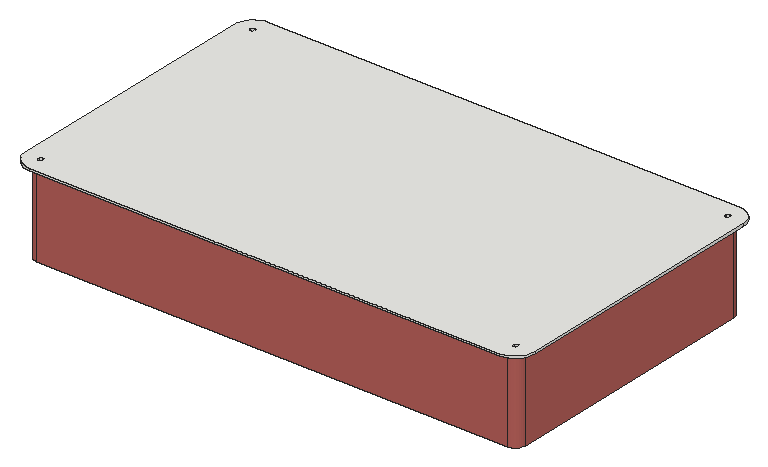
Revit family "Building-ContenitoriIncasso-GEWISS-48PTDIN-CASSETTE-DERIVAZIONE_INCASSO", category Apparecchi elettrici, host Superficie, Revit 2016
Family settings
  Host = Superficie
  Mantenere orientamento annotazione = Sì
  Tipo di parte = Normale
  Quota connettore circolare = Usa diametro
  Numero OmniClass = 23.80.30.14.24
  Titolo OmniClass = Junction Boxes
  Taglio con vuoti quando caricato = No
  Condiviso = No
  Punto di calcolo locali = Sì
Parameters (values of type "GW48011 - CASSETTA DERIV. INC. G. DIN 516X294X90")
  Voltaggio = 0 V
  Versione file RFA = "18.0"
  VISTA DI PIANTA [instance] = yes
  URL = "https://www.gewiss.com/it/it"
  Tipo Materiale = "Halogen free secondo norma EN 60754-2"
  Termopressione con biglia = "70 °C"
  Temperatura di impiego = "-15 +60 °C"
  Scheda Tecnica = "https://www.gewiss.com/it/it/search?q=GW48011"
  SIMBOLO [instance] = yes
  SEO = "Cassetta"
  Resistenza agli urti = "IK07"
  Produttore = "GEWISS S.p.A."
  Predisposizione scomparti = "6"
  Potenza max dissipabile (W) = "30"
  Potenza dissipabile (W) = "30"
  Per Pareti = "Muratura"
  N. supporti GW44720 inst. = "5"
  N. mod. EN 50022 per scompartimento = "4"
  Modello = "GW48011"
  Installazione = "Incasso"
  Immagine tipo = GW48006.jpg
  Tappo = GEWISS - BIANCO RAL 9016
  Scatola = ROSSO RAL 3000
  IDT = "0a8aa141-8753-4dc7-abbd-525a4c5009ab"
  IDF = "75bb6ce0-1539-471a-aebf-0ff55dbdcdf2"
  Grado di protezione = "IP40"
  Glow Wire Test = "650°C"
  GEWISS SCHEDA TECNICA = "http://pro.gewiss.com/irj/portal/?NavigationTarget=pcd:portal_content/com.gewiss.ZPPFDMain/com.gewiss.ZPPFDITMain/com.gewiss.ZPPFDITMainDefault/com.gewiss.ZPPFDITPages/com.gewiss.ZPPFDITPagesAP/com.gewiss.ZPPFDITPagesAPCatalogo/com.gewiss.ZPPPDITAPProductDetail&codProd=GW48011"
  Default Elevation = 1219.2 mm
  Profondità = 90 mm
  Lunghezza = 516 mm
  Larghezza = 294 mm
  Distanza orizzontale del simbolo [instance] = 0 mm
  Distanza dal muro [instance] = 4.208 mm
  Dim. esterne BxHxP (mm) = "516x294x90"
  Descrizione = "CASSETTA DERIV. INC. G. DIN 516X294X90"
  Creato da GEWISS S.p.A. = ""
  Colore coperchio = "Bianco RAL 9016"
  Codice Electrocod = "0220"
  Codice EAN = "8011564016484"
  Classificazione = Other
  Catalogo Serie = "48 PTDIN"
  Catalogo = "BUILDING"
  Carico apparente = 0 VA
  COBie.Tagnumber = ""
  COBie.CreatedOn = ""
  COBie.CreatebBy = ""
  COBie.ComponentRegisterItemID = ""
  COBie.Component.TagNumber = ""
  COBie.Component.Space = ""
  COBie.Component.SerialNumber = ""
  COBie.Component.InstallationDate = ""
  COBie.Component.Description = ""
  COBie.Component.BarCode = ""
  Bordo = 4 mm
  Aggancio app. domotiche = "Guida DIN"
Reference planes
  plane 1 "Centro (Fronte/Retro)": y = 0
  plane 2: z = 0
  plane 3 "Centro (Sinistra/Destra)": x = 0
  plane 4: x = -258
  plane 5: y = -147
  plane 6: x = 258
  plane 7: y = 147
  plane 8: y = 144.823
  plane 9: x = 255.823
  plane 10: y = -144.823
  plane 11: x = -255.823
  plane 12: z = -90
  plane 13: y = 139
  plane 14: y = -139
  plane 15: x = -249.947
  plane 16: x = 249.947
  plane 17: x = -268
  plane 18: y = -157
  plane 19: x = 268
  plane 20: y = 157
  plane 21: z = 2
  plane 22: x = 0
Forms (mm)
  Extrusion 1, void
    sketch origin (0, 0, 0) x (1, 0, 0) y (0, 1, 0)
      loop
        line (-258, 136.5) -> (-258, -136.5)
        arc (-258, -136.5) -> (-254.925, -143.925) -> (-247.5, -147) r 10.5
        line (-247.5, -147) -> (247.5, -147)
        arc (247.5, -147) -> (254.925, -143.925) -> (258, -136.5) r 10.5
        line (258, -136.5) -> (258, 136.5)
        arc (258, 136.5) -> (254.925, 143.925) -> (247.5, 147) r 10.5
        line (247.5, 147) -> (-247.5, 147)
        arc (-247.5, 147) -> (-254.925, 143.925) -> (-258, 136.5) r 10.5
    from -90 to 0
  Extrusion 2, solid, material "ROSSO RAL 3000" <- "Scatola"
    sketch origin (0, 0, 0) x (1, 0, 0) y (0, 1, 0)
      loop
        arc (-247.5, 147) -> (-254.925, 143.925) -> (-258, 136.5) r 10.5
        line (-258, 136.5) -> (-258, -136.5)
        arc (-258, -136.5) -> (-254.925, -143.925) -> (-247.5, -147) r 10.5
        line (-247.5, -147) -> (247.5, -147)
        arc (247.5, -147) -> (254.925, -143.925) -> (258, -136.5) r 10.5
        line (258, -136.5) -> (258, 136.5)
        arc (258, 136.5) -> (254.925, 143.925) -> (247.5, 147) r 10.5
        line (247.5, 147) -> (-247.5, 147)
      loop
        arc (-247.5, 144.823) -> (-253.386, 142.386) -> (-255.823, 136.5) r 8.323
        line (-255.823, 136.5) -> (-255.823, -136.5)
        arc (-255.823, -136.5) -> (-253.386, -142.386) -> (-247.5, -144.823) r 8.323
        line (-247.5, -144.823) -> (247.5, -144.823)
        arc (247.5, -144.823) -> (253.386, -142.386) -> (255.823, -136.5) r 8.323
        line (255.823, -136.5) -> (255.823, 136.5)
        arc (255.823, 136.5) -> (253.386, 142.386) -> (247.5, 144.823) r 8.323
        line (247.5, 144.823) -> (-247.5, 144.823)
    from -90 to 0
  Extrusion 3, solid
    sketch origin (0, 0, 0) x (1, 0, 0) y (0, 1, 0)
      loop
        line (-255.823, 133.384) -> (-252.592, 133.384)
        arc (-252.592, 133.384) -> (-247.664, 136.157) -> (-244.596, 140.907) r 11.782
        line (-244.596, 140.907) -> (-244.596, 144.823) -> (-247.5, 144.823)
        arc (-247.5, 144.823) -> (-253.386, 142.386) -> (-255.823, 136.5) r 8.323
        line (-255.823, 136.5) -> (-255.823, 133.384)
      loop
        line (255.823, 133.384) -> (255.823, 136.5)
        arc (255.823, 136.5) -> (253.386, 142.386) -> (247.5, 144.823) r 8.323
        line (247.5, 144.823) -> (244.596, 144.823) -> (244.596, 140.907)
        arc (244.596, 140.907) -> (247.664, 136.157) -> (252.592, 133.384) r 11.782
        line (252.592, 133.384) -> (255.823, 133.384)
      loop
        line (-255.823, -133.384) -> (-255.823, -136.5)
        arc (-255.823, -136.5) -> (-253.386, -142.386) -> (-247.5, -144.823) r 8.323
        line (-247.5, -144.823) -> (-244.596, -144.823) -> (-244.596, -140.907)
        arc (-244.596, -140.907) -> (-247.664, -136.157) -> (-252.592, -133.384) r 11.782
        line (-252.592, -133.384) -> (-255.823, -133.384)
      loop
        line (255.823, -133.384) -> (252.592, -133.384)
        arc (252.592, -133.384) -> (247.664, -136.157) -> (244.596, -140.907) r 11.782
        line (244.596, -140.907) -> (244.596, -144.823) -> (247.5, -144.823)
        arc (247.5, -144.823) -> (253.386, -142.386) -> (255.823, -136.5) r 8.323
        line (255.823, -136.5) -> (255.823, -133.384)
    from -2.208 to 0
  Extrusion 4, void
    sketch origin (0, 0, 0) x (1, 0, 0) y (0, 1, 0)
      loop
        circle (-249.947, 139) r 2.408
      loop
        circle (249.947, 139) r 2.408
      loop
        circle (-249.947, -139) r 2.408
      loop
        circle (249.947, -139) r 2.408
    from -2.208 to 2
  Extrusion 5, solid, material "GEWISS - BIANCO RAL 9016" <- "Tappo"
    sketch origin (0, 0, 0) x (1, 0, 0) y (0, 1, 0)
      loop
        arc (-247.5, 157) -> (-261.996, 150.996) -> (-268, 136.5) r 20.5
        line (-268, 136.5) -> (-268, -136.5)
        arc (-268, -136.5) -> (-261.996, -150.996) -> (-247.5, -157) r 20.5
        line (-247.5, -157) -> (247.5, -157)
        arc (247.5, -157) -> (261.996, -150.996) -> (268, -136.5) r 20.5
        line (268, -136.5) -> (268, 136.5)
        arc (268, 136.5) -> (261.996, 150.996) -> (247.5, 157) r 20.5
        line (247.5, 157) -> (-247.5, 157)
    from 0 to 2
Cuts and joins
  Extrusion 4 cuts Extrusion 5
Lines and regions (mm)
  Masking region 1, visible <- "VISTA DI PIANTA"
    outline origin (0, 0, 0) x (1, 0, 0) y (0, 0, 1)
      loop
        line (-258, -90) -> (258, -90) -> (258, 0) -> (-258, 0) -> (-258, -90)
  Masking region 2, visible <- "VISTA DI PIANTA"
    outline origin (0, 0, 0) x (1, 0, 0) y (0, 0, 1)
      loop
        line (-268, 0) -> (268, 0) -> (268, 2) -> (-268, 2) -> (-268, 0)
  Masking region 3
    outline origin (0, 0, 0) x (0, 1, 0) y (0, 0, 1)
      loop
        line (-147, -90) -> (147, -90) -> (147, 0) -> (-147, 0) -> (-147, -90)
  Masking region 4
    outline origin (0, 0, 0) x (0, 1, 0) y (0, 0, 1)
      loop
        line (-157, 0) -> (157, 0) -> (157, 2) -> (-157, 2) -> (-157, 0)
Dimensions and locks
  equal spacing: plane 7, plane 1 "Centro (Fronte/Retro)", plane 5
  equal spacing: plane 4, plane 3 "Centro (Sinistra/Destra)", plane 6
  "Lunghezza": plane 4 to plane 6
  "Larghezza": plane 7 to plane 5
  plane 4 to plane 11 = 2.177 mm  (x2)
  plane 9 to plane 6 = 2.177 mm  (x2)
  plane 10 to plane 5 = 2.177 mm
  plane 7 to plane 8 = 2.177 mm
  "Profondità": plane 2 to plane 12
  locked: plane 11 to plane 15 at 5.876
  locked: plane 7 to plane 13 at 8
  locked: plane 14 to plane 5 at 8
  locked: plane 16 to plane 6 at 8.053
  locked: plane 2 to Extrusion 3 at 2.208
  locked: plane 20 to plane 7 at 10
  locked: plane 17 to plane 4 at 10
  locked: plane 5 to plane 18 at 10
  locked: plane 6 to plane 19 at 10
  plane 21 to plane 2 = 2 mm
  "Distanza orizzontale del simbolo": plane 22 to plane 3 "Centro (Sinistra/Destra)"
  aligned and locked: plane 2 to host face
  aligned and locked: level to host face
  aligned and locked: Extrusion 1 sketch curve to plane 4
  aligned and locked: Extrusion 1 sketch curve to plane 7
  aligned and locked: Extrusion 1 sketch curve to plane 6
  aligned and locked: Extrusion 1 sketch curve to plane 5
  aligned and locked: Extrusion 1 to plane 12
  aligned and locked: plane 2 to Extrusion 1
  aligned and locked: Extrusion 2 sketch curve to plane 4
  aligned and locked: Extrusion 2 sketch curve to plane 11
  aligned and locked: Extrusion 2 sketch curve to plane 10
  aligned and locked: Extrusion 2 sketch curve to plane 5
  aligned and locked: Extrusion 2 sketch curve to plane 6
  aligned and locked: Extrusion 2 sketch curve to plane 9
  aligned and locked: Extrusion 2 sketch curve to plane 8
  aligned and locked: Extrusion 2 sketch curve to plane 7
  aligned and locked: Extrusion 2 to plane 12
  aligned and locked: plane 2 to Extrusion 2
  aligned and locked: plane 11 to Extrusion 3 sketch curve  (x2)
  aligned and locked: Extrusion 3 sketch curve to plane 8  (x2)
  aligned and locked: Extrusion 3 sketch curve to plane 10  (x2)
  aligned and locked: plane 9 to Extrusion 3 sketch curve  (x2)
  aligned and locked: plane 2 to Extrusion 3
  aligned and locked: plane 15 to Extrusion 4 sketch curve
  aligned and locked: plane 13 to Extrusion 4 sketch curve
  aligned and locked: Extrusion 4 sketch curve to plane 16
  aligned and locked: Extrusion 4 sketch curve to plane 13
  aligned and locked: plane 14 to Extrusion 4 sketch curve
  aligned and locked: plane 16 to Extrusion 4 sketch curve
  aligned and locked: Extrusion 4 sketch curve to plane 15
  aligned and locked: Extrusion 4 sketch curve to plane 14
  aligned and locked: Extrusion 3 to Extrusion 4
  aligned and locked: Extrusion 5 sketch curve to plane 19
  aligned and locked: Extrusion 5 sketch curve to plane 18
  aligned and locked: Extrusion 5 sketch curve to plane 17
  aligned and locked: Extrusion 5 sketch curve to plane 20
  aligned and locked: Extrusion 5 to plane 21
  aligned and locked: Extrusion 4 to plane 21
  aligned and locked: plane 22 to nested 1
  aligned and locked: Masking region 1 sketch curve to Extrusion 2  (x4)
  aligned and locked: Masking region 2 sketch curve to cut or joined group of Extrusion 4, Extrusion 5  (x4)
  aligned and locked: Masking region 3 sketch curve to Extrusion 2  (x4)
  aligned and locked: Masking region 4 sketch curve to cut or joined group of Extrusion 4, Extrusion 5  (x4)
  aligned and locked: plane 3 "Centro (Sinistra/Destra)" to nested 2
  aligned and locked: plane 1 "Centro (Fronte/Retro)" to nested 2
Automatic sketch dimensions
  host sketch curve to host sketch curve = 2438.4 mm  (x2)
  Extrusion 1 sketch curve to Extrusion 1 sketch curve = 0 mm  (x3)
  plane 11 to Extrusion 1 sketch curve = 8.323 mm
  Extrusion 2 sketch curve to Extrusion 2 sketch curve = 0 mm  (x13)
  Extrusion 2 sketch curve to plane 9 = 0 mm
  plane 10 to Extrusion 2 sketch curve = 0 mm
  plane 5 to Extrusion 2 sketch curve = 10.5 mm  (x2)
  Extrusion 2 sketch curve to plane 7 = 10.5 mm  (x2)
  plane 4 to Extrusion 2 sketch curve = 10.5 mm
  plane 11 to Extrusion 2 sketch curve = 8.323 mm
  Extrusion 2 sketch curve to plane 6 = 10.5 mm
  plane 11 to Extrusion 2 sketch curve = 0 mm  (x2)
  plane 11 to Extrusion 3 sketch curve = 0.085 mm  (x2)
  Extrusion 3 sketch curve to plane 15 = 2.645 mm  (x2)
  plane 15 to Extrusion 3 sketch curve = 2.447 mm  (x2)
  Extrusion 3 sketch curve to Extrusion 3 sketch curve = 2.904 mm  (x2)
  plane 16 to Extrusion 3 sketch curve = 5.351 mm  (x2)
  plane 16 to Extrusion 3 sketch curve = 2.447 mm  (x2)
  Extrusion 3 sketch curve to plane 16 = 2.645 mm  (x2)
  Extrusion 3 sketch curve to plane 9 = 0.085 mm  (x2)
  plane 10 to Extrusion 3 sketch curve = 0.085 mm  (x2)
  plane 14 to Extrusion 3 sketch curve = 1.907 mm  (x2)
  Extrusion 3 sketch curve to plane 14 = 2.5 mm  (x2)
  Extrusion 3 sketch curve to plane 13 = 5.616 mm  (x2)
  Extrusion 3 sketch curve to plane 13 = 2.5 mm  (x2)
  plane 13 to Extrusion 3 sketch curve = 1.907 mm  (x2)
  plane 11 to Extrusion 3 sketch curve = 0 mm
  Extrusion 3 sketch curve to Extrusion 3 sketch curve = 0 mm  (x11)
  plane 15 to Extrusion 5 sketch curve = 2.447 mm  (x2)
  plane 16 to Extrusion 5 sketch curve = 2.447 mm  (x2)
  radius of Extrusion 4 sketch curve = 2.408 mm  (x4)
Nested families
  nested 1: "CASSDERIVAZINC" at (0, 124.167, 0), Distanza dal muro <- "Distanza dal muro", SIMBOLO ACCESO <- "SIMBOLO", type "CASSETTAINC"
    with SIMBOLO ACCESO yes, Distanza dal muro 4.208 mm, BORDO ACCESO yes
  nested 2: "2D - 48PTDIN CASSETTE DERIVAZIONE INCASSO" at (0, 0, 0), Larghezza <- "Larghezza", Lunghezza <- "Lunghezza", type "BIDIMENSIONALE"
    with Lunghezza 516 mm, Larghezza 294 mm
Connectors
  electrical at (0, 0, -90), driven by "Voltaggio", driven by "Classificazione", driven by "Carico apparente"
    settings: on host face, index 1, voltage 0 V, apparent load 0 VA, apparent load phase1 0 VA, apparent load phase2 0 VA, apparent load phase3 0 VA, power factor 1, load classification "Other", number of poles 1, system type 31, power factor state 1, is connector primary yes, connector utility no, sub classification motor no, connector description ""
Definition of nested family "CASSDERIVAZINC"
  Parameters (values of type "CASSETTAINC")
    SIMBOLO ACCESO [instance] = yes
    Distanza dal muro [instance] = 4.208 mm
    BORDO ACCESO [instance] = yes
  Reference planes
    plane 1: y = 0
    plane 2: x = 0
  Dimensions and locks
    "Distanza dal muro": plane 1 to nested 1
    aligned and locked: plane 2 to nested 1
  Nested families
    nested 1: "CASSDERIVAZINC_BASE" at (0, 4.208, 0), BORDO ACCESO <- "BORDO ACCESO", visible <- "SIMBOLO ACCESO", type "SIMBOLO"
      with BORDO ACCESO yes
  Definition of nested family "CASSDERIVAZINC_BASE"
    Parameters (values of type "SIMBOLO")
      Distanza dal muro = 4.208 mm
      BORDO ACCESO [instance] = yes
    Reference planes
      plane 1: y = 0
      plane 2: x = 0
    Lines and regions (mm)
      detail lines, visible <- "BORDO ACCESO", not visible
        curve 1: line (-2.443, 10.208, 0) -> (2.057, 10.208, 0)
        curve 2: line (2.057, 10.208, 0) -> (2.057, 4.208, 0)
        curve 3: line (2.057, 4.208, 0) -> (-2.443, 4.208, 0)
        curve 4: line (-2.443, 4.208, 0) -> (-2.443, 10.208, 0)
        curve 5: line (-2.043, 9.808, 0) -> (1.657, 9.808, 0)
        curve 6: line (1.657, 9.808, 0) -> (1.657, 4.608, 0)
        curve 7: line (1.657, 4.608, 0) -> (-2.043, 4.608, 0)
        curve 8: line (-2.043, 4.608, 0) -> (-2.043, 9.808, 0)
      detail lines
        curve 9: circle (0, 1.25, 0) r 0.1 normal (0, 0, 1)
        curve 10: circle (0, 1.25, 0) r 0.809 normal (0, 0, 1)
Definition of nested family "2D - 48PTDIN CASSETTE DERIVAZIONE INCASSO"
  Parameters (values of type "BIDIMENSIONALE")
    Lunghezza [instance] = 240 mm
    Larghezza [instance] = 200 mm
  Reference planes
    plane 1 "Centro (Fronte/Retro)": y = 0
    plane 2: z = 0
    plane 3 "Centro (Sinistra/Destra)": x = 0
    plane 4: x = -120
    plane 5: x = 120
    plane 6: y = 100
    plane 7: y = -100
  Lines and regions (mm)
    detail lines, in view "Livello rif.", not visible
      curve 1: arc (-58.896, -2.752, 0) -> (-58.521, -2.777, 0) -> (-58.147, -2.752, 0) r 2.777
      curve 2: line (-58.896, 2.752, 0) -> (-58.896, 0.471, 0)
      curve 3: line (-58.896, 0.471, 0) -> (-60.229, 0.471, 0)
      curve 4: line (-60.229, 0.471, 0) -> (-60.229, -0.471, 0)
      curve 5: line (-58.147, 2.752, 0) -> (-58.147, 0.471, 0)
      curve 6: line (-58.147, 0.471, 0) -> (-56.814, 0.471, 0)
      curve 7: line (-58.147, -2.752, 0) -> (-58.147, -0.471, 0)
      curve 8: line (-58.147, -0.471, 0) -> (-56.814, -0.471, 0)
      curve 9: line (-58.896, -2.752, 0) -> (-58.896, -0.471, 0)
      curve 10: line (-58.896, -0.471, 0) -> (-60.229, -0.471, 0)
      curve 11: line (-56.814, 0.471, 0) -> (-56.814, -0.471, 0)
      curve 12: arc (-58.147, -2.752, 0) -> (-55.744, 0, 0) -> (-58.147, 2.752, 0) r 2.777
      curve 13: arc (-58.896, 2.752, 0) -> (-61.298, 0, 0) -> (-58.896, -2.752, 0) r 2.777
      curve 14: arc (-58.147, 2.752, 0) -> (-58.521, 2.777, 0) -> (-58.896, 2.752, 0) r 2.777
      curve 15: line (-52.546, 11.442, 0) -> (-49.625, 8.458, 0)
      curve 16: line (-50.324, 7.759, 0) -> (-52.991, 10.426, 0)
      curve 17: line (-52.991, 10.426, 0) -> (-52.546, 11.442, 0)
      curve 18: line (-37.306, 8.14, 0) -> (-36.607, 7.441, 0)
      curve 19: arc (-49.625, 8.458, 0) -> (-43.53, 5.801, 0) -> (-37.306, 8.14, 0) r 8.848
      curve 20: arc (-50.324, 7.759, 0) -> (-43.53, 4.813, 0) -> (-36.607, 7.441, 0) r 9.835
      curve 21: line (-39.92, 24.089, 0) -> (-36.936, 21.168, 0)
      curve 22: line (-36.237, 21.867, 0) -> (-38.904, 24.534, 0)
      curve 23: line (-38.904, 24.534, 0) -> (-39.92, 24.089, 0)
      curve 24: line (-36.618, 8.849, 0) -> (-35.919, 8.15, 0)
      curve 25: arc (-36.936, 21.168, 0) -> (-34.28, 15.073, 0) -> (-36.618, 8.849, 0) r 8.848
      curve 26: arc (-36.237, 21.867, 0) -> (-33.292, 15.073, 0) -> (-35.919, 8.15, 0) r 9.835
      curve 411: arc (-88, -219.002, 0) -> (-95.071, -221.931, 0) -> (-98, -229.002, 0) r 10
      curve 412: arc (98, -229.002, 0) -> (95.071, -221.931, 0) -> (88, -219.002, 0) r 10
      curve 413: arc (88, -371.002, 0) -> (95.071, -368.073, 0) -> (98, -361.002, 0) r 10
      curve 414: arc (-98, -361.002, 0) -> (-95.071, -368.073, 0) -> (-88, -371.002, 0) r 10
      curve 415: arc (86.883, -363.908, 0) -> (86.878, -366.121, 0) -> (89.09, -366.122, 0) r 1.563
      curve 416: arc (93.118, -362.095, 0) -> (93.122, -359.883, 0) -> (90.91, -359.881, 0) r 1.563
      curve 417: arc (-90.907, -359.884, 0) -> (-93.119, -359.88, 0) -> (-93.12, -362.092, 0) r 1.563
      curve 418: arc (-89.093, -366.119, 0) -> (-86.881, -366.124, 0) -> (-86.88, -363.912, 0) r 1.563
      curve 419: arc (90.907, -230.119, 0) -> (93.117, -230.125, 0) -> (93.123, -227.915, 0) r 1.563
      curve 420: arc (89.093, -223.884, 0) -> (86.883, -223.878, 0) -> (86.876, -226.088, 0) r 1.563
      curve 421: arc (-86.88, -226.092, 0) -> (-86.882, -223.878, 0) -> (-89.095, -223.886, 0) r 1.563
      curve 422: arc (-93.12, -227.912, 0) -> (-93.118, -230.125, 0) -> (-90.905, -230.117, 0) r 1.563
      curve 423: arc (87.998, -368.627, 0) -> (93.394, -366.392, 0) -> (95.629, -360.996, 0) r 7.631
      curve 424: arc (-95.624, -361.003, 0) -> (-93.392, -366.394, 0) -> (-88.001, -368.627, 0) r 7.624
      curve 425: arc (95.629, -228.995, 0) -> (93.396, -223.606, 0) -> (88.007, -221.373, 0) r 7.622
      curve 426: arc (-87.994, -221.373, 0) -> (-93.39, -223.608, 0) -> (-95.624, -229.004, 0) r 7.63
      curve 427: arc (90.462, -358.039, 0) -> (87.315, -360.317, 0) -> (85.037, -363.463, 0) r 12.282
      curve 428: arc (94.229, -357.078, 0) -> (93.406, -357.124, 0) -> (92.588, -357.226, 0) r 12.113
      curve 429: arc (84.225, -365.59, 0) -> (84.122, -366.409, 0) -> (84.076, -367.234, 0) r 12.113
      curve 430: arc (-85.037, -363.463, 0) -> (-87.315, -360.317, 0) -> (-90.462, -358.039, 0) r 12.282
      curve 431: arc (-92.588, -357.226, 0) -> (-93.406, -357.124, 0) -> (-94.229, -357.078, 0) r 12.113
      curve 432: arc (-84.076, -367.235, 0) -> (-84.122, -366.41, 0) -> (-84.225, -365.59, 0) r 12.113
      curve 433: arc (85.037, -226.54, 0) -> (87.315, -229.686, 0) -> (90.462, -231.964, 0) r 12.282
      curve 434: arc (92.588, -232.777, 0) -> (93.406, -232.879, 0) -> (94.229, -232.925, 0) r 12.113
      curve 435: arc (84.076, -222.769, 0) -> (84.122, -223.594, 0) -> (84.225, -224.414, 0) r 12.113
      curve 436: arc (-90.462, -231.964, 0) -> (-87.315, -229.686, 0) -> (-85.037, -226.54, 0) r 12.282
      curve 437: arc (-94.229, -232.925, 0) -> (-93.406, -232.879, 0) -> (-92.588, -232.777, 0) r 12.113
      curve 438: arc (-84.225, -224.413, 0) -> (-84.122, -223.594, 0) -> (-84.076, -222.769, 0) r 12.113
      curve 439: arc (84.425, -364.963, 0) -> (84.32, -365.275, 0) -> (84.225, -365.59, 0) r 12.26
      curve 440: arc (84.225, -224.414, 0) -> (84.32, -224.728, 0) -> (84.425, -225.04, 0) r 12.26
      curve 441: arc (-84.225, -365.59, 0) -> (-84.32, -365.275, 0) -> (-84.425, -364.963, 0) r 12.26
      curve 442: arc (-84.425, -225.04, 0) -> (-84.32, -224.728, 0) -> (-84.225, -224.413, 0) r 12.26
      curve 443: arc (84.076, -367.234, 0) -> (84.003, -367.833, 0) -> (83.959, -368.434, 0) r 12.054
      curve 444: arc (-83.959, -368.434, 0) -> (-84.003, -367.833, 0) -> (-84.076, -367.235, 0) r 12.054
      curve 445: arc (94.229, -232.925, 0) -> (94.828, -232.999, 0) -> (95.43, -233.043, 0) r 12.055
      curve 446: arc (91.962, -232.577, 0) -> (92.274, -232.681, 0) -> (92.588, -232.777, 0) r 12.26
      curve 447: arc (92.588, -357.226, 0) -> (92.274, -357.322, 0) -> (91.962, -357.426, 0) r 12.26
      curve 448: arc (95.43, -356.961, 0) -> (94.828, -357.004, 0) -> (94.229, -357.078, 0) r 12.055
      curve 449: arc (-95.43, -233.043, 0) -> (-94.828, -232.999, 0) -> (-94.229, -232.925, 0) r 12.055
      curve 450: arc (-91.962, -357.426, 0) -> (-92.274, -357.322, 0) -> (-92.588, -357.226, 0) r 12.26
      curve 451: arc (-92.588, -232.777, 0) -> (-92.274, -232.681, 0) -> (-91.962, -232.577, 0) r 12.26
      curve 452: arc (-94.229, -357.078, 0) -> (-94.828, -357.004, 0) -> (-95.43, -356.961, 0) r 12.055
      curve 453: arc (83.959, -221.569, 0) -> (84.003, -222.171, 0) -> (84.076, -222.769, 0) r 12.054
      curve 454: arc (-84.076, -222.769, 0) -> (-84.003, -222.171, 0) -> (-83.959, -221.569, 0) r 12.054
      curve 455: line (87.5, -241.002, 0) -> (87.5, -249.624, 0)
      curve 456: line (-98, -361.002, 0) -> (-98, -229.002, 0)
      curve 457: line (-88, -219.002, 0) -> (88, -219.002, 0)
      curve 458: line (89.09, -366.122, 0) -> (93.118, -362.095, 0)
      curve 459: line (86.883, -363.908, 0) -> (90.91, -359.881, 0)
      curve 542: line (-86.88, -363.912, 0) -> (-90.907, -359.884, 0)
      curve 543: line (-89.093, -366.119, 0) -> (-93.12, -362.092, 0)
      curve 544: line (86.876, -226.088, 0) -> (90.907, -230.119, 0)
      curve 545: line (89.093, -223.884, 0) -> (93.123, -227.915, 0)
      curve 546: line (-89.095, -223.886, 0) -> (-93.12, -227.912, 0)
      curve 547: line (-86.88, -226.092, 0) -> (-90.905, -230.117, 0)
      curve 548: line (95.629, -360.996, 0) -> (95.629, -228.995, 0)
      curve 549: line (88.007, -221.373, 0) -> (-87.994, -221.373, 0)
      curve 550: line (-95.624, -361.003, 0) -> (-95.624, -229.004, 0)
      curve 551: line (87.998, -368.627, 0) -> (-88.001, -368.627, 0)
      curve 552: line (23.15, -226.54, 0) -> (62.05, -226.54, 0)
      curve 553: line (90.462, -255.352, 0) -> (90.462, -294.252, 0)
      curve 554: line (90.462, -295.752, 0) -> (90.462, -334.652, 0)
      curve 555: line (23.15, -363.463, 0) -> (62.05, -363.463, 0)
      curve 556: line (-62.05, -363.463, 0) -> (-23.15, -363.463, 0)
      curve 557: line (-90.462, -295.752, 0) -> (-90.462, -334.652, 0)
      curve 558: line (-90.462, -255.352, 0) -> (-90.462, -294.252, 0)
      curve 559: line (-62.05, -226.54, 0) -> (-23.15, -226.54, 0)
      curve 560: line (90.462, -336.152, 0) -> (90.462, -358.039, 0)
      curve 561: line (90.462, -358.039, 0) -> (90.959, -357.802, 0)
      curve 562: line (90.959, -357.802, 0) -> (90.462, -358.039, 0)
      curve 563: line (63.55, -363.463, 0) -> (85.037, -363.463, 0)
      curve 564: line (85.037, -363.463, 0) -> (84.8, -363.96, 0)
      curve 565: line (84.8, -363.96, 0) -> (85.037, -363.463, 0)
      curve 566: line (-85.037, -363.463, 0) -> (-84.8, -363.96, 0)
      curve 567: line (-84.8, -363.96, 0) -> (-85.037, -363.463, 0)
      curve 568: line (-85.037, -363.463, 0) -> (-63.55, -363.463, 0)
      curve 569: line (-90.462, -336.152, 0) -> (-90.462, -358.039, 0)
      curve 570: line (-90.462, -358.039, 0) -> (-90.959, -357.802, 0)
      curve 571: line (-90.959, -357.802, 0) -> (-90.462, -358.039, 0)
      curve 572: line (63.55, -226.54, 0) -> (85.037, -226.54, 0)
      curve 573: line (85.037, -226.54, 0) -> (84.8, -226.043, 0)
      curve 574: line (84.8, -226.043, 0) -> (85.037, -226.54, 0)
      curve 575: line (90.462, -231.964, 0) -> (90.959, -232.201, 0)
      curve 576: line (90.959, -232.201, 0) -> (90.462, -231.964, 0)
      curve 577: line (90.462, -231.964, 0) -> (90.462, -253.852, 0)
      curve 578: line (-90.462, -231.964, 0) -> (-90.959, -232.201, 0)
      curve 579: line (-90.959, -232.201, 0) -> (-90.462, -231.964, 0)
      curve 580: line (-90.462, -231.964, 0) -> (-90.462, -253.852, 0)
      curve 581: line (-85.037, -226.54, 0) -> (-84.8, -226.043, 0)
      curve 582: line (-84.8, -226.043, 0) -> (-85.037, -226.54, 0)
      curve 583: line (-85.037, -226.54, 0) -> (-63.55, -226.54, 0)
      curve 584: line (1.2, -363.463, 0) -> (21.65, -363.463, 0)
      curve 585: line (1.2, -226.54, 0) -> (21.65, -226.54, 0)
      curve 586: line (-21.65, -363.463, 0) -> (-1.2, -363.463, 0)
      curve 587: line (-21.65, -226.54, 0) -> (-1.2, -226.54, 0)
      curve 588: line (84.408, -225.042, 0) -> (84.476, -225.241, 0)
      curve 589: line (84.476, -225.241, 0) -> (84.41, -225.048, 0)
      curve 590: line (84.476, -225.241, 0) -> (84.8, -226.043, 0)
      curve 591: line (84.8, -226.043, 0) -> (84.476, -225.241, 0)
      curve 592: line (1.2, -230.002, 0) -> (11.368, -230.002, 0)
      curve 593: line (11.368, -230.002, 0) -> (21.65, -230.002, 0)
      curve 594: line (21.65, -230.002, 0) -> (21.65, -225.07, 0)
      curve 595: line (21.65, -225.07, 0) -> (23.15, -225.07, 0)
      curve 596: line (23.15, -225.07, 0) -> (23.15, -230.002, 0)
      curve 597: line (23.15, -230.002, 0) -> (62.05, -230.002, 0)
      curve 598: line (62.05, -230.002, 0) -> (62.05, -225.07, 0)
      curve 599: line (62.05, -225.07, 0) -> (63.55, -225.07, 0)
      curve 600: line (63.55, -225.07, 0) -> (63.55, -230.002, 0)
      curve 601: line (63.55, -230.002, 0) -> (77.5, -230.002, 0)
      curve 602: line (77.5, -230.002, 0) -> (87.5, -240.002, 0)
      curve 603: line (87.5, -240.002, 0) -> (87.5, -253.852, 0)
      curve 604: line (87.5, -253.852, 0) -> (91.932, -253.852, 0)
      curve 605: line (91.932, -253.852, 0) -> (91.932, -255.352, 0)
      curve 606: line (91.932, -255.352, 0) -> (87.5, -255.352, 0)
      curve 607: line (87.5, -255.352, 0) -> (87.5, -294.252, 0)
      curve 608: line (87.5, -294.252, 0) -> (91.932, -294.252, 0)
      curve 609: line (91.932, -294.252, 0) -> (91.932, -295.002, 0)
      curve 610: line (91.932, -295.002, 0) -> (91.932, -295.752, 0)
      curve 611: line (91.932, -295.752, 0) -> (87.5, -295.752, 0)
      curve 612: line (87.5, -295.752, 0) -> (87.5, -334.652, 0)
      curve 613: line (87.5, -334.652, 0) -> (91.932, -334.652, 0)
      curve 614: line (91.932, -334.652, 0) -> (91.932, -336.152, 0)
      curve 615: line (91.932, -336.152, 0) -> (87.5, -336.152, 0)
      curve 616: line (87.5, -336.152, 0) -> (87.5, -350.002, 0)
      curve 617: line (87.5, -350.002, 0) -> (77.5, -360.002, 0)
      curve 618: line (77.5, -360.002, 0) -> (63.55, -360.002, 0)
      curve 619: line (63.55, -360.002, 0) -> (63.55, -364.933, 0)
      curve 620: line (91.959, -232.594, 0) -> (91.76, -232.525, 0)
      curve 621: line (91.76, -232.525, 0) -> (91.954, -232.592, 0)
      curve 622: line (91.76, -232.525, 0) -> (90.959, -232.201, 0)
      curve 623: line (90.959, -232.201, 0) -> (91.76, -232.525, 0)
      curve 624: line (91.959, -357.41, 0) -> (91.76, -357.478, 0)
      curve 625: line (91.76, -357.478, 0) -> (91.954, -357.411, 0)
      curve 626: line (91.76, -357.478, 0) -> (90.959, -357.802, 0)
      curve 627: line (90.959, -357.802, 0) -> (91.76, -357.478, 0)
      curve 628: line (1.2, -360.002, 0) -> (11.368, -360.002, 0)
      curve 629: line (11.368, -360.002, 0) -> (21.65, -360.002, 0)
      curve 630: line (21.65, -360.002, 0) -> (21.65, -364.933, 0)
      curve 631: line (21.65, -364.933, 0) -> (23.15, -364.933, 0)
      curve 632: line (23.15, -364.933, 0) -> (23.15, -360.002, 0)
      curve 633: line (23.15, -360.002, 0) -> (62.05, -360.002, 0)
      curve 634: line (62.05, -360.002, 0) -> (62.05, -364.933, 0)
      curve 635: line (62.05, -364.933, 0) -> (63.55, -364.933, 0)
      curve 636: line (84.408, -364.961, 0) -> (84.476, -364.762, 0)
      curve 637: line (84.476, -364.762, 0) -> (84.41, -364.955, 0)
      curve 638: line (84.476, -364.762, 0) -> (84.8, -363.96, 0)
      curve 639: line (84.8, -363.96, 0) -> (84.476, -364.762, 0)
      curve 640: line (-1.2, -360.002, 0) -> (-11.368, -360.002, 0)
      curve 641: line (-11.368, -360.002, 0) -> (-21.65, -360.002, 0)
      curve 642: line (-21.65, -360.002, 0) -> (-21.65, -364.933, 0)
      curve 643: line (-21.65, -364.933, 0) -> (-23.15, -364.933, 0)
      curve 644: line (-23.15, -364.933, 0) -> (-23.15, -360.002, 0)
      curve 645: line (-23.15, -360.002, 0) -> (-62.05, -360.002, 0)
      curve 646: line (-62.05, -360.002, 0) -> (-62.05, -364.933, 0)
      curve 647: line (-62.05, -364.933, 0) -> (-63.55, -364.933, 0)
      curve 648: line (-63.55, -364.933, 0) -> (-63.55, -360.002, 0)
      curve 649: line (-63.55, -360.002, 0) -> (-77.5, -360.002, 0)
      curve 650: line (-77.5, -360.002, 0) -> (-87.5, -350.002, 0)
      curve 651: line (-87.5, -350.002, 0) -> (-87.5, -336.152, 0)
      curve 652: line (-87.5, -336.152, 0) -> (-91.932, -336.152, 0)
      curve 653: line (-84.41, -364.955, 0) -> (-84.476, -364.762, 0)
      curve 654: line (-84.476, -364.762, 0) -> (-84.408, -364.961, 0)
      curve 655: line (-84.476, -364.762, 0) -> (-84.8, -363.96, 0)
      curve 656: line (-84.8, -363.96, 0) -> (-84.476, -364.762, 0)
      curve 657: line (-91.932, -336.152, 0) -> (-91.932, -334.652, 0)
      curve 658: line (-91.932, -334.652, 0) -> (-87.5, -334.652, 0)
      curve 659: line (-87.5, -334.652, 0) -> (-87.5, -295.752, 0)
      curve 660: line (-87.5, -295.752, 0) -> (-91.932, -295.752, 0)
      curve 661: line (-91.959, -357.41, 0) -> (-91.76, -357.478, 0)
      curve 662: line (-91.76, -357.478, 0) -> (-91.954, -357.411, 0)
      curve 663: line (-91.76, -357.478, 0) -> (-90.959, -357.802, 0)
      curve 664: line (-90.959, -357.802, 0) -> (-91.76, -357.478, 0)
      curve 665: line (-91.959, -232.594, 0) -> (-91.76, -232.525, 0)
      curve 666: line (-91.76, -232.525, 0) -> (-91.954, -232.592, 0)
      curve 667: line (-91.76, -232.525, 0) -> (-90.959, -232.201, 0)
      curve 668: line (-90.959, -232.201, 0) -> (-91.76, -232.525, 0)
      curve 669: line (-91.932, -295.752, 0) -> (-91.932, -295.002, 0)
      curve 670: line (-91.932, -295.002, 0) -> (-91.932, -294.252, 0)
      curve 671: line (-91.932, -294.252, 0) -> (-87.5, -294.252, 0)
      curve 672: line (-87.5, -294.252, 0) -> (-87.5, -255.352, 0)
      curve 673: line (-87.5, -255.352, 0) -> (-91.932, -255.352, 0)
      curve 674: line (-91.932, -255.352, 0) -> (-91.932, -253.852, 0)
      curve 675: line (-91.932, -253.852, 0) -> (-87.5, -253.852, 0)
      curve 676: line (-87.5, -253.852, 0) -> (-87.5, -240.002, 0)
      curve 677: line (-87.5, -240.002, 0) -> (-77.5, -230.002, 0)
      curve 678: line (-77.5, -230.002, 0) -> (-63.55, -230.002, 0)
      curve 679: line (-63.55, -230.002, 0) -> (-63.55, -225.07, 0)
      curve 680: line (-63.55, -225.07, 0) -> (-62.05, -225.07, 0)
      curve 681: line (-62.05, -225.07, 0) -> (-62.05, -230.002, 0)
      curve 682: line (-62.05, -230.002, 0) -> (-23.15, -230.002, 0)
      curve 683: line (-23.15, -230.002, 0) -> (-23.15, -225.07, 0)
      curve 684: line (-23.15, -225.07, 0) -> (-21.65, -225.07, 0)
      curve 685: line (-21.65, -225.07, 0) -> (-21.65, -230.002, 0)
      curve 686: line (-21.65, -230.002, 0) -> (-11.368, -230.002, 0)
      curve 687: line (-11.368, -230.002, 0) -> (-1.2, -230.002, 0)
      curve 688: line (-84.408, -225.042, 0) -> (-84.476, -225.241, 0)
      curve 689: line (-84.476, -225.241, 0) -> (-84.41, -225.048, 0)
      curve 690: line (-84.476, -225.241, 0) -> (-84.8, -226.043, 0)
      curve 691: line (-84.8, -226.043, 0) -> (-84.476, -225.241, 0)
      curve 692: line (1.2, -368.589, 0) -> (1.2, -358.502, 0)
      curve 693: line (1.2, -358.502, 0) -> (11.368, -358.502, 0)
      curve 694: line (11.368, -358.502, 0) -> (76.879, -358.502, 0)
      curve 695: line (76.879, -358.502, 0) -> (86, -349.38, 0)
      curve 696: line (86, -349.38, 0) -> (86, -240.557, 0)
      curve 697: line (86, -240.557, 0) -> (76.945, -231.502, 0)
      curve 698: line (76.945, -231.502, 0) -> (11.368, -231.502, 0)
      curve 699: line (11.368, -231.502, 0) -> (1.2, -231.502, 0)
      curve 700: line (1.2, -231.502, 0) -> (1.2, -221.414, 0)
      curve 701: line (-1.2, -368.589, 0) -> (-1.2, -358.502, 0)
      curve 702: line (-1.2, -358.502, 0) -> (-11.368, -358.502, 0)
      curve 703: line (-11.368, -358.502, 0) -> (-76.945, -358.502, 0)
      curve 704: line (-76.945, -358.502, 0) -> (-86, -349.447, 0)
      curve 705: line (-86, -349.447, 0) -> (-86, -240.557, 0)
      curve 706: line (-86, -240.557, 0) -> (-76.945, -231.502, 0)
      curve 707: line (-76.945, -231.502, 0) -> (-11.368, -231.502, 0)
      curve 708: line (-11.368, -231.502, 0) -> (-1.2, -231.502, 0)
      curve 709: line (-1.2, -231.502, 0) -> (-1.2, -221.414, 0)
      curve 710: line (-88, -371.002, 0) -> (88, -371.002, 0)
      curve 711: line (98, -361.002, 0) -> (98, -229.002, 0)
      curve 712: line (0, -221.373, 0) -> (0, -368.627, 0)
    detail lines, in view "Livello rif."
      curve 27: arc (-110, 100, 0) -> (-117.071, 97.071, 0) -> (-120, 90, 0) r 10
      curve 28: arc (120, 90, 0) -> (117.071, 97.071, 0) -> (110, 100, 0) r 10
      curve 29: arc (110, -100, 0) -> (117.071, -97.071, 0) -> (120, -90, 0) r 10
      curve 30: arc (-120, -90, 0) -> (-117.071, -97.071, 0) -> (-110, -100, 0) r 10
      curve 39: arc (109.998, -97.625, 0) -> (115.394, -95.39, 0) -> (117.629, -89.994, 0) r 7.631
      curve 40: arc (-117.624, -90.001, 0) -> (-115.392, -95.392, 0) -> (-110.001, -97.625, 0) r 7.624
      curve 41: arc (117.629, 90.006, 0) -> (115.396, 95.396, 0) -> (110.007, 97.628, 0) r 7.622
      curve 42: arc (-109.994, 97.628, 0) -> (-115.39, 95.393, 0) -> (-117.624, 89.998, 0) r 7.63
      curve 72: line (-120, -90, 0) -> (-120, 90, 0)
      curve 73: line (-110, 100, 0) -> (110, 100, 0)
      curve 164: line (117.629, -89.994, 0) -> (117.629, 90.006, 0)
      curve 165: line (110.007, 97.628, 0) -> (-109.994, 97.628, 0)
      curve 166: line (-117.624, -90.001, 0) -> (-117.624, 89.998, 0)
      curve 167: line (109.998, -97.625, 0) -> (-110.001, -97.625, 0)
      curve 326: line (-110, -100, 0) -> (110, -100, 0)
      curve 327: line (120, -90, 0) -> (120, 90, 0)
    detail lines, in view "Livello rif.", detail levels medium+fine
      curve 31: arc (108.883, -92.907, 0) -> (108.878, -95.119, 0) -> (111.09, -95.121, 0) r 1.563
      curve 32: arc (115.118, -91.093, 0) -> (115.122, -88.881, 0) -> (112.91, -88.879, 0) r 1.563
      curve 33: arc (-112.907, -88.882, 0) -> (-115.119, -88.878, 0) -> (-115.12, -91.09, 0) r 1.563
      curve 34: arc (-111.093, -95.117, 0) -> (-108.881, -95.122, 0) -> (-108.88, -92.91, 0) r 1.563
      curve 35: arc (112.907, 88.883, 0) -> (115.117, 88.876, 0) -> (115.123, 91.087, 0) r 1.563
      curve 36: arc (111.093, 95.118, 0) -> (108.883, 95.124, 0) -> (108.876, 92.913, 0) r 1.563
      curve 37: arc (-108.88, 92.91, 0) -> (-108.882, 95.123, 0) -> (-111.095, 95.115, 0) r 1.563
      curve 38: arc (-115.12, 91.09, 0) -> (-115.118, 88.877, 0) -> (-112.905, 88.885, 0) r 1.563
      curve 43: arc (112.462, -87.037, 0) -> (109.315, -89.315, 0) -> (107.037, -92.462, 0) r 12.282
      curve 44: arc (116.229, -86.076, 0) -> (115.406, -86.123, 0) -> (114.588, -86.225, 0) r 12.113
      curve 45: arc (106.225, -94.588, 0) -> (106.122, -95.408, 0) -> (106.076, -96.233, 0) r 12.113
      curve 46: arc (-107.037, -92.462, 0) -> (-109.315, -89.315, 0) -> (-112.462, -87.037, 0) r 12.282
      curve 47: arc (-114.588, -86.225, 0) -> (-115.406, -86.123, 0) -> (-116.229, -86.076, 0) r 12.113
      curve 48: arc (-106.076, -96.233, 0) -> (-106.122, -95.408, 0) -> (-106.225, -94.588, 0) r 12.113
      curve 49: arc (107.037, 92.462, 0) -> (109.315, 89.315, 0) -> (112.462, 87.037, 0) r 12.282
      curve 50: arc (114.588, 86.225, 0) -> (115.406, 86.123, 0) -> (116.229, 86.076, 0) r 12.113
      curve 51: arc (106.076, 96.233, 0) -> (106.122, 95.408, 0) -> (106.225, 94.588, 0) r 12.113
      curve 52: arc (-112.462, 87.037, 0) -> (-109.315, 89.315, 0) -> (-107.037, 92.462, 0) r 12.282
      curve 53: arc (-116.229, 86.076, 0) -> (-115.406, 86.123, 0) -> (-114.588, 86.225, 0) r 12.113
      curve 54: arc (-106.225, 94.588, 0) -> (-106.122, 95.408, 0) -> (-106.076, 96.233, 0) r 12.113
      curve 55: arc (106.425, -93.962, 0) -> (106.32, -94.274, 0) -> (106.225, -94.588, 0) r 12.26
      curve 56: arc (106.225, 94.588, 0) -> (106.32, 94.274, 0) -> (106.425, 93.962, 0) r 12.26
      curve 57: arc (-106.225, -94.588, 0) -> (-106.32, -94.274, 0) -> (-106.425, -93.962, 0) r 12.26
      curve 58: arc (-106.425, 93.962, 0) -> (-106.32, 94.274, 0) -> (-106.225, 94.588, 0) r 12.26
      curve 59: arc (106.076, -96.233, 0) -> (106.003, -96.831, 0) -> (105.959, -97.432, 0) r 12.054
      curve 60: arc (-105.959, -97.432, 0) -> (-106.003, -96.831, 0) -> (-106.076, -96.233, 0) r 12.054
      curve 61: arc (116.229, 86.076, 0) -> (116.828, 86.003, 0) -> (117.43, 85.959, 0) r 12.055
      curve 62: arc (113.962, 86.425, 0) -> (114.274, 86.32, 0) -> (114.588, 86.225, 0) r 12.26
      curve 63: arc (114.588, -86.225, 0) -> (114.274, -86.32, 0) -> (113.962, -86.425, 0) r 12.26
      curve 64: arc (117.43, -85.959, 0) -> (116.828, -86.003, 0) -> (116.229, -86.076, 0) r 12.055
      curve 65: arc (-117.43, 85.959, 0) -> (-116.828, 86.003, 0) -> (-116.229, 86.076, 0) r 12.055
      curve 66: arc (-113.962, -86.425, 0) -> (-114.274, -86.32, 0) -> (-114.588, -86.225, 0) r 12.26
      curve 67: arc (-114.588, 86.225, 0) -> (-114.274, 86.32, 0) -> (-113.962, 86.425, 0) r 12.26
      curve 68: arc (-116.229, -86.076, 0) -> (-116.828, -86.003, 0) -> (-117.43, -85.959, 0) r 12.055
      curve 69: arc (105.959, 97.432, 0) -> (106.003, 96.831, 0) -> (106.076, 96.233, 0) r 12.054
      curve 70: arc (-106.076, 96.233, 0) -> (-106.003, 96.831, 0) -> (-105.959, 97.432, 0) r 12.054
      curve 71: line (109.5, 78, 0) -> (109.5, 69.377, 0)
      curve 74: line (111.09, -95.12, 0) -> (115.118, -91.093, 0)
      curve 75: line (108.883, -92.907, 0) -> (112.91, -88.88, 0)
      curve 76: line (-43.237, 82.381, 0) -> (-43.237, 72.899, 0)
      curve 77: line (-43.237, 72.899, 0) -> (-37.311, 72.899, 0)
      curve 78: line (-37.311, 72.899, 0) -> (-37.311, 71.592, 0)
      curve 79: line (-37.311, 71.592, 0) -> (-43.237, 71.592, 0)
      curve 80: line (-43.237, 71.592, 0) -> (-43.237, 67.505, 0)
      curve 81: line (-43.237, 67.505, 0) -> (-39.559, 67.505, 0)
      curve 82: line (-39.559, 67.505, 0) -> (-36.906, 67.994, 0)
      curve 83: line (-36.906, 67.994, 0) -> (-34.602, 69.397, 0)
      curve 84: line (-34.602, 69.397, 0) -> (-32.95, 71.53, 0)
      curve 85: line (-32.95, 71.53, 0) -> (-32.168, 74.111, 0)
      curve 86: line (-32.168, 74.111, 0) -> (-32.37, 76.986, 0)
      curve 87: line (-32.37, 76.986, 0) -> (-39.15, 76.986, 0)
      curve 88: line (-39.15, 76.986, 0) -> (-39.15, 78.294, 0)
      curve 89: line (-39.15, 78.294, 0) -> (-33.33, 78.294, 0)
      curve 90: line (-33.33, 78.294, 0) -> (-33.172, 78.351, 0)
      curve 91: line (-33.172, 78.351, 0) -> (-33.088, 78.497, 0)
      curve 92: line (-33.088, 78.497, 0) -> (-33.118, 78.662, 0)
      curve 93: line (-33.118, 78.662, 0) -> (-34.778, 80.641, 0)
      curve 94: line (-34.778, 80.641, 0) -> (-37.015, 81.932, 0)
      curve 95: line (-37.015, 81.932, 0) -> (-39.559, 82.381, 0)
      curve 96: line (-39.559, 82.381, 0) -> (-43.237, 82.381, 0)
      curve 97: line (-48.632, 72.899, 0) -> (-56.07, 72.899, 0)
      curve 98: line (-56.07, 72.899, 0) -> (-56.07, 82.381, 0)
      curve 99: line (-56.07, 82.381, 0) -> (-44.545, 82.381, 0)
      curve 100: line (-44.545, 82.381, 0) -> (-44.545, 78.294, 0)
      curve 101: line (-44.545, 78.294, 0) -> (-51.983, 78.294, 0)
      curve 102: line (-51.983, 78.294, 0) -> (-51.983, 76.986, 0)
      curve 103: line (-51.983, 76.986, 0) -> (-44.545, 76.986, 0)
      curve 104: line (-44.545, 76.986, 0) -> (-44.545, 67.505, 0)
      curve 105: line (-44.545, 67.505, 0) -> (-56.07, 67.505, 0)
      curve 106: line (-56.07, 67.505, 0) -> (-56.07, 71.592, 0)
      curve 107: line (-56.07, 71.592, 0) -> (-48.632, 71.592, 0)
      curve 108: line (-48.632, 71.592, 0) -> (-48.632, 72.899, 0)
      curve 109: line (-57.378, 67.505, 0) -> (-57.378, 76.986, 0)
      curve 110: line (-57.378, 76.986, 0) -> (-61.465, 76.986, 0)
      curve 111: line (-61.465, 76.986, 0) -> (-61.465, 67.505, 0)
      curve 112: line (-61.465, 67.505, 0) -> (-57.378, 67.505, 0)
      curve 113: line (-82.43, 82.381, 0) -> (-82.43, 78.294, 0)
      curve 114: line (-82.43, 78.294, 0) -> (-77.812, 78.294, 0)
      curve 115: line (-77.812, 78.294, 0) -> (-75.196, 67.505, 0)
      curve 116: line (-75.196, 67.505, 0) -> (-71.109, 67.505, 0)
      curve 117: line (-71.109, 67.505, 0) -> (-69.904, 73.635, 0)
      curve 118: line (-69.904, 73.635, 0) -> (-68.698, 67.505, 0)
      curve 119: line (-68.698, 67.505, 0) -> (-64.611, 67.505, 0)
      curve 120: line (-64.611, 67.505, 0) -> (-62.2, 78.294, 0)
      curve 121: line (-62.2, 78.294, 0) -> (-57.378, 78.294, 0)
      curve 122: line (-57.378, 78.294, 0) -> (-57.378, 82.381, 0)
      curve 123: line (-57.378, 82.381, 0) -> (-65.347, 82.381, 0)
      curve 124: line (-65.347, 82.381, 0) -> (-66.818, 76.087, 0)
      curve 125: line (-66.818, 76.087, 0) -> (-67.84, 82.381, 0)
      curve 126: line (-67.84, 82.381, 0) -> (-72.09, 82.381, 0)
      curve 127: line (-72.09, 82.381, 0) -> (-73.112, 76.087, 0)
      curve 128: line (-73.112, 76.087, 0) -> (-74.583, 82.381, 0)
      curve 129: line (-74.583, 82.381, 0) -> (-82.43, 82.381, 0)
      curve 130: line (-89.868, 67.505, 0) -> (-89.868, 82.381, 0)
      curve 131: line (-89.868, 82.381, 0) -> (-83.738, 82.381, 0)
      curve 132: line (-83.738, 82.381, 0) -> (-83.738, 78.294, 0)
      curve 133: line (-83.738, 78.294, 0) -> (-85.781, 78.294, 0)
      curve 134: line (-85.781, 78.294, 0) -> (-85.781, 76.986, 0)
      curve 135: line (-85.781, 76.986, 0) -> (-78.343, 76.986, 0)
      curve 136: line (-78.343, 76.986, 0) -> (-78.343, 72.899, 0)
      curve 137: line (-78.343, 72.899, 0) -> (-85.781, 72.899, 0)
      curve 138: line (-85.781, 72.899, 0) -> (-85.781, 71.592, 0)
      curve 139: line (-85.781, 71.592, 0) -> (-78.343, 71.592, 0)
      curve 140: line (-78.343, 71.592, 0) -> (-78.343, 67.505, 0)
      curve 141: line (-78.343, 67.505, 0) -> (-89.868, 67.505, 0)
      curve 142: line (-95.263, 71.592, 0) -> (-95.263, 76.986, 0)
      curve 143: line (-95.263, 76.986, 0) -> (-91.176, 76.986, 0)
      curve 144: line (-91.176, 76.986, 0) -> (-91.176, 67.505, 0)
      curve 145: line (-91.176, 67.505, 0) -> (-94.854, 67.505, 0)
      curve 146: line (-94.854, 67.505, 0) -> (-98.081, 68.241, 0)
      curve 147: line (-98.081, 68.241, 0) -> (-100.669, 70.305, 0)
      curve 148: line (-100.669, 70.305, 0) -> (-102.106, 73.288, 0)
      curve 149: line (-102.106, 73.288, 0) -> (-102.106, 76.598, 0)
      curve 150: line (-102.106, 76.598, 0) -> (-100.669, 79.58, 0)
      curve 151: line (-100.669, 79.58, 0) -> (-98.081, 81.644, 0)
      curve 152: line (-98.081, 81.644, 0) -> (-94.854, 82.381, 0)
      curve 153: line (-94.854, 82.381, 0) -> (-91.176, 82.381, 0)
      curve 154: line (-91.176, 82.381, 0) -> (-91.176, 78.294, 0)
      curve 155: line (-91.176, 78.294, 0) -> (-96.571, 78.294, 0)
      curve 156: line (-96.571, 78.294, 0) -> (-96.571, 71.592, 0)
      curve 157: line (-96.571, 71.592, 0) -> (-95.263, 71.592, 0)
      curve 158: line (-108.88, -92.91, 0) -> (-112.907, -88.882, 0)
      curve 159: line (-111.093, -95.117, 0) -> (-115.12, -91.09, 0)
      curve 160: line (108.876, 92.913, 0) -> (112.907, 88.883, 0)
      curve 161: line (111.093, 95.118, 0) -> (115.123, 91.087, 0)
      curve 162: line (-111.095, 95.115, 0) -> (-115.12, 91.09, 0)
      curve 163: line (-108.88, 92.91, 0) -> (-112.905, 88.885, 0)
      curve 168: line (23.15, 92.462, 0) -> (84.05, 92.462, 0)
      curve 169: line (112.462, 63.65, 0) -> (112.462, 0.75, 0)
      curve 170: line (112.462, -0.75, 0) -> (112.462, -63.65, 0)
      curve 171: line (23.15, -92.462, 0) -> (84.05, -92.462, 0)
      curve 172: line (-84.05, -92.462, 0) -> (-23.15, -92.462, 0)
      curve 173: line (-112.462, -0.75, 0) -> (-112.462, -63.65, 0)
      curve 174: line (-112.462, 63.65, 0) -> (-112.462, 0.75, 0)
      curve 175: line (-84.05, 92.462, 0) -> (-23.15, 92.462, 0)
      curve 176: line (112.462, -65.15, 0) -> (112.462, -87.037, 0)
      curve 177: line (112.462, -87.037, 0) -> (112.959, -86.8, 0)
      curve 178: line (112.959, -86.8, 0) -> (112.462, -87.037, 0)
      curve 179: line (85.55, -92.462, 0) -> (107.037, -92.462, 0)
      curve 180: line (107.037, -92.462, 0) -> (106.8, -92.959, 0)
      curve 181: line (106.8, -92.959, 0) -> (107.037, -92.462, 0)
      curve 182: line (-107.037, -92.462, 0) -> (-106.8, -92.959, 0)
      curve 183: line (-106.8, -92.959, 0) -> (-107.037, -92.462, 0)
      curve 184: line (-107.037, -92.462, 0) -> (-85.55, -92.462, 0)
      curve 185: line (-112.462, -65.15, 0) -> (-112.462, -87.037, 0)
      curve 186: line (-112.462, -87.037, 0) -> (-112.959, -86.8, 0)
      curve 187: line (-112.959, -86.8, 0) -> (-112.462, -87.037, 0)
      curve 188: line (85.55, 92.462, 0) -> (107.037, 92.462, 0)
      curve 189: line (107.037, 92.462, 0) -> (106.8, 92.959, 0)
      curve 190: line (106.8, 92.959, 0) -> (107.037, 92.462, 0)
      curve 191: line (112.462, 87.037, 0) -> (112.959, 86.8, 0)
      curve 192: line (112.959, 86.8, 0) -> (112.462, 87.037, 0)
      curve 193: line (112.462, 87.037, 0) -> (112.462, 65.15, 0)
      curve 194: line (-112.462, 87.037, 0) -> (-112.959, 86.8, 0)
      curve 195: line (-112.959, 86.8, 0) -> (-112.462, 87.037, 0)
      curve 196: line (-112.462, 87.037, 0) -> (-112.462, 65.15, 0)
      curve 197: line (-107.037, 92.462, 0) -> (-106.8, 92.959, 0)
      curve 198: line (-106.8, 92.959, 0) -> (-107.037, 92.462, 0)
      curve 199: line (-107.037, 92.462, 0) -> (-85.55, 92.462, 0)
      curve 200: line (1.2, -92.462, 0) -> (21.65, -92.462, 0)
      curve 201: line (1.2, 92.462, 0) -> (21.65, 92.462, 0)
      curve 202: line (-21.65, -92.462, 0) -> (-1.2, -92.462, 0)
      curve 203: line (-21.65, 92.462, 0) -> (-1.2, 92.462, 0)
      curve 204: line (106.408, 93.959, 0) -> (106.476, 93.76, 0)
      curve 205: line (106.476, 93.76, 0) -> (106.41, 93.954, 0)
      curve 206: line (106.476, 93.76, 0) -> (106.8, 92.959, 0)
      curve 207: line (106.8, 92.959, 0) -> (106.476, 93.76, 0)
      curve 208: line (1.2, 89, 0) -> (11.368, 89, 0)
      curve 209: line (11.368, 89, 0) -> (21.65, 89, 0)
      curve 210: line (21.65, 89, 0) -> (21.65, 93.932, 0)
      curve 211: line (21.65, 93.932, 0) -> (23.15, 93.932, 0)
      curve 212: line (23.15, 93.932, 0) -> (23.15, 89, 0)
      curve 213: line (23.15, 89, 0) -> (84.05, 89, 0)
      curve 214: line (84.05, 89, 0) -> (84.05, 93.932, 0)
      curve 215: line (84.05, 93.932, 0) -> (85.55, 93.932, 0)
      curve 216: line (85.55, 93.932, 0) -> (85.55, 89, 0)
      curve 217: line (85.55, 89, 0) -> (99.5, 89, 0)
      curve 218: line (99.5, 89, 0) -> (109.5, 79, 0)
      curve 219: line (109.5, 79, 0) -> (109.5, 65.15, 0)
      curve 220: line (109.5, 65.15, 0) -> (113.932, 65.15, 0)
      curve 221: line (113.932, 65.15, 0) -> (113.932, 63.65, 0)
      curve 222: line (113.932, 63.65, 0) -> (109.5, 63.65, 0)
      curve 223: line (109.5, 63.65, 0) -> (109.5, 0.75, 0)
      curve 224: line (109.5, 0.75, 0) -> (113.932, 0.75, 0)
      curve 225: line (113.932, 0.75, 0) -> (113.932, 0, 0)
      curve 226: line (113.932, 0, 0) -> (113.932, -0.75, 0)
      curve 227: line (113.932, -0.75, 0) -> (109.5, -0.75, 0)
      curve 228: line (109.5, -0.75, 0) -> (109.5, -63.65, 0)
      curve 229: line (109.5, -63.65, 0) -> (113.932, -63.65, 0)
      curve 230: line (113.932, -63.65, 0) -> (113.932, -65.15, 0)
      curve 231: line (113.932, -65.15, 0) -> (109.5, -65.15, 0)
      curve 232: line (109.5, -65.15, 0) -> (109.5, -79, 0)
      curve 233: line (109.5, -79, 0) -> (99.5, -89, 0)
      curve 234: line (99.5, -89, 0) -> (85.55, -89, 0)
      curve 235: line (85.55, -89, 0) -> (85.55, -93.932, 0)
      curve 236: line (113.959, 86.408, 0) -> (113.76, 86.476, 0)
      curve 237: line (113.76, 86.476, 0) -> (113.954, 86.41, 0)
      curve 238: line (113.76, 86.476, 0) -> (112.959, 86.8, 0)
      curve 239: line (112.959, 86.8, 0) -> (113.76, 86.476, 0)
      curve 240: line (113.959, -86.408, 0) -> (113.76, -86.476, 0)
      curve 241: line (113.76, -86.476, 0) -> (113.954, -86.41, 0)
      curve 242: line (113.76, -86.476, 0) -> (112.959, -86.8, 0)
      curve 243: line (112.959, -86.8, 0) -> (113.76, -86.476, 0)
      curve 244: line (1.2, -89, 0) -> (11.368, -89, 0)
      curve 245: line (11.368, -89, 0) -> (21.65, -89, 0)
      curve 246: line (21.65, -89, 0) -> (21.65, -93.932, 0)
      curve 247: line (21.65, -93.932, 0) -> (23.15, -93.932, 0)
      curve 248: line (23.15, -93.932, 0) -> (23.15, -89, 0)
      curve 249: line (23.15, -89, 0) -> (84.05, -89, 0)
      curve 250: line (84.05, -89, 0) -> (84.05, -93.932, 0)
      curve 251: line (84.05, -93.932, 0) -> (85.55, -93.932, 0)
      curve 252: line (106.408, -93.959, 0) -> (106.476, -93.76, 0)
      curve 253: line (106.476, -93.76, 0) -> (106.41, -93.954, 0)
      curve 254: line (106.476, -93.76, 0) -> (106.8, -92.959, 0)
      curve 255: line (106.8, -92.959, 0) -> (106.476, -93.76, 0)
      curve 256: line (-1.2, -89, 0) -> (-11.368, -89, 0)
      curve 257: line (-11.368, -89, 0) -> (-21.65, -89, 0)
      curve 258: line (-21.65, -89, 0) -> (-21.65, -93.932, 0)
      curve 259: line (-21.65, -93.932, 0) -> (-23.15, -93.932, 0)
      curve 260: line (-23.15, -93.932, 0) -> (-23.15, -89, 0)
      curve 261: line (-23.15, -89, 0) -> (-84.05, -89, 0)
      curve 262: line (-84.05, -89, 0) -> (-84.05, -93.932, 0)
      curve 263: line (-84.05, -93.932, 0) -> (-85.55, -93.932, 0)
      curve 264: line (-85.55, -93.932, 0) -> (-85.55, -89, 0)
      curve 265: line (-85.55, -89, 0) -> (-99.5, -89, 0)
      curve 266: line (-99.5, -89, 0) -> (-109.5, -79, 0)
      curve 267: line (-109.5, -79, 0) -> (-109.5, -65.15, 0)
      curve 268: line (-109.5, -65.15, 0) -> (-113.932, -65.15, 0)
      curve 269: line (-106.41, -93.954, 0) -> (-106.476, -93.76, 0)
      curve 270: line (-106.476, -93.76, 0) -> (-106.408, -93.959, 0)
      curve 271: line (-106.476, -93.76, 0) -> (-106.8, -92.959, 0)
      curve 272: line (-106.8, -92.959, 0) -> (-106.476, -93.76, 0)
      curve 273: line (-113.932, -65.15, 0) -> (-113.932, -63.65, 0)
      curve 274: line (-113.932, -63.65, 0) -> (-109.5, -63.65, 0)
      curve 275: line (-109.5, -63.65, 0) -> (-109.5, -0.75, 0)
      curve 276: line (-109.5, -0.75, 0) -> (-113.932, -0.75, 0)
      curve 277: line (-113.959, -86.408, 0) -> (-113.76, -86.476, 0)
      curve 278: line (-113.76, -86.476, 0) -> (-113.954, -86.41, 0)
      curve 279: line (-113.76, -86.476, 0) -> (-112.959, -86.8, 0)
      curve 280: line (-112.959, -86.8, 0) -> (-113.76, -86.476, 0)
      curve 281: line (-113.959, 86.408, 0) -> (-113.76, 86.476, 0)
      curve 282: line (-113.76, 86.476, 0) -> (-113.954, 86.41, 0)
      curve 283: line (-113.76, 86.476, 0) -> (-112.959, 86.8, 0)
      curve 284: line (-112.959, 86.8, 0) -> (-113.76, 86.476, 0)
      curve 285: line (-113.932, -0.75, 0) -> (-113.932, 0, 0)
      curve 286: line (-113.932, 0, 0) -> (-113.932, 0.75, 0)
      curve 287: line (-113.932, 0.75, 0) -> (-109.5, 0.75, 0)
      curve 288: line (-109.5, 0.75, 0) -> (-109.5, 63.65, 0)
      curve 289: line (-109.5, 63.65, 0) -> (-113.932, 63.65, 0)
      curve 290: line (-113.932, 63.65, 0) -> (-113.932, 65.15, 0)
      curve 291: line (-113.932, 65.15, 0) -> (-109.5, 65.15, 0)
      curve 292: line (-109.5, 65.15, 0) -> (-109.5, 79, 0)
      curve 293: line (-109.5, 79, 0) -> (-99.5, 89, 0)
      curve 294: line (-99.5, 89, 0) -> (-85.55, 89, 0)
      curve 295: line (-85.55, 89, 0) -> (-85.55, 93.932, 0)
      curve 296: line (-85.55, 93.932, 0) -> (-84.05, 93.932, 0)
      curve 297: line (-84.05, 93.932, 0) -> (-84.05, 89, 0)
      curve 298: line (-84.05, 89, 0) -> (-23.15, 89, 0)
      curve 299: line (-23.15, 89, 0) -> (-23.15, 93.932, 0)
      curve 300: line (-23.15, 93.932, 0) -> (-21.65, 93.932, 0)
      curve 301: line (-21.65, 93.932, 0) -> (-21.65, 89, 0)
      curve 302: line (-21.65, 89, 0) -> (-11.368, 89, 0)
      curve 303: line (-11.368, 89, 0) -> (-1.2, 89, 0)
      curve 304: line (-106.408, 93.959, 0) -> (-106.476, 93.76, 0)
      curve 305: line (-106.476, 93.76, 0) -> (-106.41, 93.954, 0)
      curve 306: line (-106.476, 93.76, 0) -> (-106.8, 92.959, 0)
      curve 307: line (-106.8, 92.959, 0) -> (-106.476, 93.76, 0)
      curve 308: line (1.2, -97.587, 0) -> (1.2, -87.5, 0)
      curve 309: line (1.2, -87.5, 0) -> (11.368, -87.5, 0)
      curve 310: line (11.368, -87.5, 0) -> (98.879, -87.5, 0)
      curve 311: line (98.879, -87.5, 0) -> (108, -78.379, 0)
      curve 312: line (108, -78.379, 0) -> (108, 78.445, 0)
      curve 313: line (108, 78.445, 0) -> (98.945, 87.5, 0)
      curve 314: line (98.945, 87.5, 0) -> (11.368, 87.5, 0)
      curve 315: line (11.368, 87.5, 0) -> (1.2, 87.5, 0)
      curve 316: line (1.2, 87.5, 0) -> (1.2, 97.587, 0)
      curve 317: line (-1.2, -97.587, 0) -> (-1.2, -87.5, 0)
      curve 318: line (-1.2, -87.5, 0) -> (-11.368, -87.5, 0)
